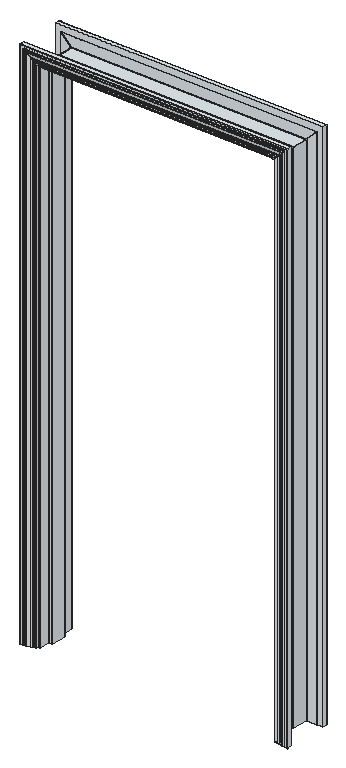
Revit family "Door_Swing_Dunbarton_RediFrame", category Doors, host Wall, Revit 2026
Family settings
  Host = Wall
  Classification Number = 23.30.10.17.17
  Always vertical = Yes
  Cut with Voids When Loaded = No
  Shared = No
  Room Calculation Point = No
Parameters (values of type "134 Kerf Frame")
  panelwidth [instance] = if(1 = 1, Unit Width / 2, 0' 0")  # 1' - 6"
  halfframeneg [instance] = -(Wall Depth / 2) - 0' 0 1/16"  # -0' - 3 1/16"
  halfframe [instance] = Wall Depth / 2 + 0' 0 1/16"  # 0' - 3 1/16"
  framewidthcontrol [instance] = Opening Width + ((0' 1 9/16" - RO Spacing Sides) * 2)  # 3' - 3 1/8"
  frameheightcontrol [instance] = Opening Height + (0' 1 9/16" - RO Spacing Top)  # 6' - 9 5/16"
  casingwidthcontrol [instance] = 2' - 8"
  casingheightcontrol [instance] = 2' - 8"
  Water Penetration = "as Specified"
  Warranty Duration (Years) = 0
  Wall Depth [instance] = 0' - 6"
  Unit Width = 3' - 0"
  Unit Height [instance] = Opening Height - (0' 1 1/8" + 0' 0 3/4")  # 6' - 6 1/8"
  URL = "https://dunbarton.com/"
  Type Comments = "Wall Depths as Specified"
  Thickness = 0' - 0"  # constant formula
  Structural Test Pressure = "as Specified"
  Standards Conformance = "Level A Durability ANSI 250.5-1994"
  Specification = "http://www.arcat.com/sd/clients95/redifram.html?coid=32085"
  Send Message = ""
  Sales Information = "https://dunbarton.com/distributors"
  RO Spacing Sides = 0' - 0 1/4"  # constant formula
  Rough Width = 0' - 0"  # constant formula
  Rough Height = 0' - 0"  # constant formula
  RO Spacing Top = 0' - 0 1/4"  # constant formula
  R-Value = 0
  Product Properties = "https://dunbarton.com/sample-page"
  Product Data = "http://www.arcat.com/arcatcos/cos9532/arc32085.html"
  Panel Type [instance] = Door_Panel_Dunbarton_Westchester-Fold : Door_Panel_Dunbarton_Westchester-Fold
  Opening Width [instance] = Unit Width + (RO Spacing Sides * 2)  # 3' - 0 1/2"
  Opening Height = 6' - 8"
  Offset from Wall CL Notes [instance] = "Use Positive or Negative values to determine location."  # constant formula
  Offset from Wall CL [instance] = 0' - 0"
  Model = "RediFrame 134 Kerf"
  Manufacturer Website = "https://dunbarton.com/"
  Manufacturer Phone - Toll Free = "800-633-7553"
  Manufacturer Phone = "334-794-0661"
  Manufacturer Fax = "334-793-7022"
  Manufacturer Address = "1101 Technology Dr.; Dothan;  AL 36303"
  Manufacturer = "Dunbarton Corporation"
  Maintenance Schedule (Months) = 0
  Keynote = "08 11 10"
  Interior Casing Type [instance] = Accessory_Casing_Dunbarton_Casing : Steel Colonial
  Installation-Fabrication = "https://dunbarton.com/resources/installation-videos"
  Installation Phase = ""
  Include Dunbarton Interior Casing [instance] = yes
  Include Dunbarton Exterior Casing [instance] = yes
  Impact Resistance = "as Specified"
  Height [instance] = Unit Height  # 6' - 6 1/8"
  Green Building-LEED = "http://www.arcat.com/green/clients95/leed_data_32085.html"
  Gauge [instance] = 0
  Function = Interior
  Frame Type = RediFrame134Kerf : RediFrame134Kerf
  Frame Thickness = 0' - 0 5/8"
  Frame Finish [instance] = Metal - Steel - Dunbarton - Bright White Enamel
  Fire Rating = "90 Minute Neutral and Positive Pressure  ;  Wood or Steel"
  Exterior Casing Type [instance] = Accessory_Casing_Dunbarton_Casing : Steel Colonial
  Expected Lifespan (Years) = 0
  Drawn By = "Sumex Design, Inc. / Robert S. Weygant, CSI, CDT, SCIP"
  Door Thickness = 0' - 1"
  Door Panel Type = "as Specified"
  Door Finish [instance] = Metal - Steel - Dunbarton - Bright White Enamel
  Description = "Dunbarton Steel Swing Door Frame - RediFrame Kerf as Specified"
  Wall Closure = By host
  Width = Unit Width  # 3' - 0"
  Copyright = "©Arcat Inc."
  Construction Details = ""
  Assembly Code = "C1020100"
  Air Infiltration = "as Specified"
  3D Panel Swing Angle [instance] = 0.00°
  2D Swing Angle [instance] = 45.00°
Types (4): name | Type Comments | Model | Frame Type | Description
  134 Kerf Frame | "Wall Depths as Specified" | "RediFrame 134 Kerf" | RediFrame134Kerf : RediFrame134Kerf | "Dunbarton Steel Swing Door Frame - RediFrame Kerf as Specified"
  134-138 Frame | "Available Wall Depths : 4 , 4.5 , 4.625 , 4.75 , 4.875 , 5.25 , 5.375 , 6.75 , 6.875 , 7.375" | "RediFrame 134-138" | RediFrame134138 : RediFrame134138 | "Dunbarton Steel Swing Door Frame - RediFrame as Specified"
  138 Frame | "Available Wall Depths : 2.625 , 2.875 , 3.5 , 3.625 , 3.75" | "RediFrame 138" | RediFrame138 : RediFrame138 | "Dunbarton Steel Swing Door Frame - RediFrame as Specified"
  134 Frame | "Available Wall Depths : 2.875 , 3.5 , 3.625 , 3.75" | "RediFrame 134" | RediFrame134 : RediFrame134 | "Dunbarton Steel Swing Door Frame - RediFrame as Specified"
Reference planes
  plane 1 "Center (Front/Back)": y = 41.722
  plane 2: z = 0
  plane 3 "Center (Left/Right)": x = 50.8
  plane 4 "Left": x = -412.75
  plane 5 "Right": x = 514.35
  plane 6 "Bottom": z = 0
  plane 7 "Top": z = 2032
  plane 8 "Center - Elevation": z = 1016
  plane 9: y = -34.478
  plane 10: y = 117.922
  plane 11: x = -406.4
  plane 12: x = 508
Forms (mm)
  Extrusion 1, void
    sketch origin (0, 41.722, 0) x (1, 0, 0) y (0, 0, 1)
      loop
        line (127, 0) -> (127, 50.8) -> (-25.4, 50.8) -> (-25.4, 0) -> (127, 0)
    from 0 <- "Offset from Wall CL" to 305.197
  Extrusion 2, void
    sketch origin (0, 41.722, 0) x (1, 0, 0) y (0, 0, 1)
      loop
        line (-412.75, 2032) -> (-412.75, 0) -> (514.35, 0) -> (514.35, 2032) -> (-412.75, 2032)
    from -76.2 to 76.2
  Extrusion 3, void
    sketch origin (0, 41.722, 0) x (-1, 0, 0) y (0, 0, 1)
      loop
        line (63.5, 0) -> (133.35, 0) -> (133.35, 25.4) -> (63.5, 25.4) -> (63.5, 0)
    from 0 to 77.788 <- "halfframe"
  Extrusion 4, void
    sketch origin (0, 41.722, 0) x (-1, 0, 0) y (0, 0, 1)
      loop
        line (-165.1, 0) -> (-165.1, 25.4) -> (-234.95, 25.4) -> (-234.95, 0) -> (-165.1, 0)
    from -77.788 <- "halfframeneg" to 304.8
Text (mm)
  text "EXTERIOR" at (-1490.695, 350.552, 0), in view "Plan View"
  text "INTERIOR" at (-1490.695, -214.206, 0), in view "Plan View"
  text "Exterior" at (0, 1108.87, 3129.179), in view "Left"
  text "Exterior" at (0, 464.664, 3176.206), in view "Right"
Dimensions and locks
  equal spacing: plane 4 "Left", plane 3 "Center (Left/Right)", plane 5 "Right"
  equal spacing: plane 7 "Top", plane 8 "Center - Elevation", plane 6 "Bottom"
  "Opening Width": plane 4 "Left" to plane 5 "Right"
  "Opening Height": plane 7 "Top" to level
  equal spacing: plane 11, plane 3 "Center (Left/Right)", plane 12
  "Unit Width": plane 11 to plane 12
  aligned and locked: level to plane 2
  aligned and locked: plane 6 "Bottom" to plane 2
  aligned and locked: plane 1 "Center (Front/Back)" to host wall
  aligned and locked: plane 9 to host wall
  aligned and locked: plane 10 to host wall
  aligned: plane 3 "Center (Left/Right)" to nested 1
  aligned and locked: plane 5 "Right" to Extrusion 2 sketch curve
  aligned and locked: Extrusion 2 sketch curve to plane 4 "Left"
  aligned and locked: plane 7 "Top" to Extrusion 2 sketch curve
  aligned and locked: plane 10 to Extrusion 2
  aligned and locked: Extrusion 2 to plane 9
  aligned: nested 1 to nested 2
  aligned and locked: nested 1 to Extrusion 1
  aligned and locked: nested 1 to plane 3 "Center (Left/Right)"  (x2)
  aligned and locked: plane 3 "Center (Left/Right)" to nested 2
  aligned and locked: nested 2 to Extrusion 4
  aligned and locked: nested 3 to Extrusion 3
Automatic sketch dimensions
  Extrusion 1 sketch curve to level = 0' - 0"
  Extrusion 1 sketch curve to plane 3 "Center (Left/Right)" = 0' - 3"
  plane 3 "Center (Left/Right)" to Extrusion 1 sketch curve = 0' - 3"
  level to Extrusion 1 sketch curve = 0' - 2"
  Extrusion 2 sketch curve to level = 0' - 0"
  Extrusion 3 sketch curve to Extrusion 1 = 0' - 0"
  Extrusion 1 to Extrusion 3 sketch curve = 0' - 4 1/4"
  Extrusion 1 to Extrusion 3 sketch curve = 0' - 1 1/2"
  Extrusion 3 sketch curve to Extrusion 1 = 0' - 1"
  Extrusion 4 sketch curve to Extrusion 1 = 0' - 0"
  Extrusion 1 to Extrusion 4 sketch curve = 0' - 1 1/2"
  Extrusion 4 sketch curve to Extrusion 4 sketch curve = 0' - 2 3/4"
  Extrusion 4 sketch curve to Extrusion 1 = 0' - 1"
Nested families
  nested 1: "RediFrame134Kerf" at (50.8, 41.722, 0) x (-1, 0, 0) z (0, 0, 1), throat width <- "Wall Depth", width <- "framewidthcontrol", height <- "frameheightcontrol", finish <- "Frame Finish", type <- "Frame Type", type "RediFrame134Kerf"
    with width 3' - 3 1/8", throat width 0' - 6", height 6' - 9 5/16", finish Metal - Steel - Dunbarton - Bright White Enamel
  nested 2: "Accessory_Casing_Dunbarton_Casing" at (50.8, -36.065, 0), Unit Width <- "Opening Width", Unit Height <- "Opening Height", Frame Finish <- "Frame Finish", type <- "Exterior Casing Type", visible <- "Include Dunbarton Exterior Casing", type "Steel Colonial"
    with Unit Width 3' - 0 1/2", Unit Height 6' - 8", Frame Finish Metal - Steel - Dunbarton - Bright White Enamel, Colonial Rosette no
  nested 3: "Accessory_Casing_Dunbarton_Casing" at (50.8, 119.51, 0), Unit Width <- "Opening Width", Unit Height <- "Opening Height", Frame Finish <- "Frame Finish", type <- "Interior Casing Type", visible <- "Include Dunbarton Interior Casing", type "Steel Colonial"
    with Unit Width 3' - 0 1/2", Unit Height 6' - 8", Frame Finish Metal - Steel - Dunbarton - Bright White Enamel, Colonial Rosette no
Definition of nested family "RediFrame134Kerf"
  Parameters
    width [instance] = 3' - 0"
    throat width [instance] = 0' - 4 1/2"
    height [instance] = 6' - 8"
    finish [instance] = none
    Default Elevation = 0' - 0"  # constant formula
  Reference planes
    plane 1 "Center (Front/Back)": y = 0
    plane 2: z = 0
    plane 3 "Center (Left/Right)": x = 0
    plane 4: x = -457.2
    plane 5: x = 457.2
    plane 6: z = 2032
    plane 7: y = 57.15
    plane 8: y = -57.15
    plane 9: y = 82.55
    plane 10: y = -82.55
  Forms (mm)
    Sweep 1, solid, material <- "finish"
      path origin (0, 0, 0) x (1, 0, 0) y (0, 0, 1)
        loop
          line (-457.2, 0) -> (-457.2, 2032)
      profile "Profile_Rediframe_Dunbarton_Single-Stop-Kerf : Profile_Rediframe_Dunbarton_Single-Stop-Kerf" origin (-457.2, 0, 1016) x (-1, 0, 0) y (0, -1, 0)
        loop
          line (0, 58.738) -> (-38.1, 58.738)
          arc (-38.1, 58.738) -> (-40.345, 57.808) -> (-41.275, 55.562) r 3.175
          line (-41.275, 55.562) -> (-41.275, -2.381) -> (-44.45, -2.381) -> (-44.45, 5.556) -> (-53.975, 5.556)
          arc (-53.975, 5.556) -> (-56.22, 4.626) -> (-57.15, 2.381) r 3.175
          line (-57.15, 2.381) -> (-57.15, -15.875)
          arc (-57.15, -15.875) -> (-56.22, -18.12) -> (-53.975, -19.05) r 3.175
          line (-53.975, -19.05) -> (-42.862, -19.05)
          arc (-42.862, -19.05) -> (-41.74, -19.515) -> (-41.275, -20.637) r 1.587
          line (-41.275, -20.637) -> (-41.275, -55.563)
          arc (-41.275, -55.563) -> (-40.345, -57.808) -> (-38.1, -58.738) r 3.175
          line (-38.1, -58.738) -> (0, -58.737) -> (0, -57.15) -> (-38.1, -57.15)
          arc (-38.1, -57.15) -> (-39.223, -56.685) -> (-39.688, -55.563) r 1.587
          line (-39.688, -55.563) -> (-39.687, -20.637)
          arc (-39.687, -20.637) -> (-40.617, -18.392) -> (-42.862, -17.462) r 3.175
          line (-42.862, -17.462) -> (-53.975, -17.462)
          arc (-53.975, -17.462) -> (-55.098, -16.998) -> (-55.562, -15.875) r 1.587
          line (-55.562, -15.875) -> (-55.562, 2.381)
          arc (-55.562, 2.381) -> (-55.098, 3.504) -> (-53.975, 3.969) r 1.587
          line (-53.975, 3.969) -> (-46.037, 3.969) -> (-46.037, -3.969) -> (-39.687, -3.969) -> (-39.687, 55.562)
          arc (-39.687, 55.562) -> (-39.223, 56.685) -> (-38.1, 57.15) r 1.587
          line (-38.1, 57.15) -> (0, 57.15) -> (0, 58.738)
    Sweep 2, solid, material <- "finish"
      path origin (0, 0, 0) x (-1, 0, 0) y (0, 0, 1)
        loop
          line (-457.2, 0) -> (-457.2, 2032)
      profile "Profile_Rediframe_Dunbarton_Single-Stop-Kerf : Profile_Rediframe_Dunbarton_Single-Stop-Kerf" origin (457.2, 0, 1016) x (-1, 0, 0) y (0, -1, 0)
        loop
          line (0, 58.738) -> (0, 57.15) -> (38.1, 57.15)
          arc (38.1, 57.15) -> (39.223, 56.685) -> (39.687, 55.562) r 1.587
          line (39.687, 55.562) -> (39.687, -3.969) -> (46.037, -3.969) -> (46.037, 3.969) -> (53.975, 3.969)
          arc (53.975, 3.969) -> (55.098, 3.504) -> (55.562, 2.381) r 1.587
          line (55.562, 2.381) -> (55.562, -15.875)
          arc (55.562, -15.875) -> (55.098, -16.998) -> (53.975, -17.462) r 1.587
          line (53.975, -17.462) -> (42.862, -17.462)
          arc (42.862, -17.462) -> (40.617, -18.392) -> (39.687, -20.637) r 3.175
          line (39.687, -20.637) -> (39.688, -55.563)
          arc (39.688, -55.563) -> (39.223, -56.685) -> (38.1, -57.15) r 1.587
          line (38.1, -57.15) -> (0, -57.15) -> (0, -58.737) -> (38.1, -58.738)
          arc (38.1, -58.738) -> (40.345, -57.808) -> (41.275, -55.563) r 3.175
          line (41.275, -55.563) -> (41.275, -20.637)
          arc (41.275, -20.637) -> (41.74, -19.515) -> (42.862, -19.05) r 1.587
          line (42.862, -19.05) -> (53.975, -19.05)
          arc (53.975, -19.05) -> (56.22, -18.12) -> (57.15, -15.875) r 3.175
          line (57.15, -15.875) -> (57.15, 2.381)
          arc (57.15, 2.381) -> (56.22, 4.626) -> (53.975, 5.556) r 3.175
          line (53.975, 5.556) -> (44.45, 5.556) -> (44.45, -2.381) -> (41.275, -2.381) -> (41.275, 55.562)
          arc (41.275, 55.562) -> (40.345, 57.808) -> (38.1, 58.738) r 3.175
          line (38.1, 58.738) -> (0, 58.738)
    Extrusion 3, void
      sketch origin (0, 0, 0) x (1, 0, 0) y (0, 0, 1)
        loop
          line (-457.2, 2032) -> (-304.8, 1879.6) -> (-304.8, 2032) -> (-457.2, 2032)
      from -82.55 to 82.55
    Extrusion 4, void
      sketch origin (0, 0, 0) x (-1, 0, 0) y (0, 0, -1)
        loop
          line (-457.2, -2032) -> (-304.8, -2032) -> (-304.8, -1879.6) -> (-457.2, -2032)
      from -82.55 to 82.55
    Sweep 5, solid, material <- "finish"
      path origin (0, 0, 0) x (1, 0, 0) y (0, 0, 1)
        loop
          line (-457.2, 2032) -> (457.2, 2032)
      profile "Profile_Rediframe_Dunbarton_Single-Stop-Kerf : Profile_Rediframe_Dunbarton_Single-Stop-Kerf" origin (0, 0, 2032) x (0, 0, 1) y (0, -1, 0)
        loop
          line (0, 58.738) -> (-38.1, 58.738)
          arc (-38.1, 58.738) -> (-40.345, 57.808) -> (-41.275, 55.562) r 3.175
          line (-41.275, 55.562) -> (-41.275, -2.381) -> (-44.45, -2.381) -> (-44.45, 5.556) -> (-53.975, 5.556)
          arc (-53.975, 5.556) -> (-56.22, 4.626) -> (-57.15, 2.381) r 3.175
          line (-57.15, 2.381) -> (-57.15, -15.875)
          arc (-57.15, -15.875) -> (-56.22, -18.12) -> (-53.975, -19.05) r 3.175
          line (-53.975, -19.05) -> (-42.862, -19.05)
          arc (-42.862, -19.05) -> (-41.74, -19.515) -> (-41.275, -20.637) r 1.587
          line (-41.275, -20.637) -> (-41.275, -55.563)
          arc (-41.275, -55.563) -> (-40.345, -57.808) -> (-38.1, -58.738) r 3.175
          line (-38.1, -58.738) -> (0, -58.737) -> (0, -57.15) -> (-38.1, -57.15)
          arc (-38.1, -57.15) -> (-39.223, -56.685) -> (-39.688, -55.563) r 1.587
          line (-39.688, -55.563) -> (-39.687, -20.637)
          arc (-39.687, -20.637) -> (-40.617, -18.392) -> (-42.862, -17.462) r 3.175
          line (-42.862, -17.462) -> (-53.975, -17.462)
          arc (-53.975, -17.462) -> (-55.098, -16.998) -> (-55.562, -15.875) r 1.587
          line (-55.562, -15.875) -> (-55.562, 2.381)
          arc (-55.562, 2.381) -> (-55.098, 3.504) -> (-53.975, 3.969) r 1.587
          line (-53.975, 3.969) -> (-46.037, 3.969) -> (-46.037, -3.969) -> (-39.687, -3.969) -> (-39.687, 55.562)
          arc (-39.687, 55.562) -> (-39.223, 56.685) -> (-38.1, 57.15) r 1.587
          line (-38.1, 57.15) -> (0, 57.15) -> (0, 58.738)
    Extrusion 6, void
      sketch origin (0, 0, 0) x (1, 0, 0) y (0, 0, 1)
        loop
          line (-457.2, 2032) -> (-457.2, 1879.6) -> (-304.8, 1879.6) -> (-457.2, 2032)
      from -82.55 to 82.55
    Extrusion 7, void
      sketch origin (0, 0, 0) x (-1, 0, 0) y (0, 0, -1)
        loop
          line (-457.2, -2032) -> (-304.8, -1879.6) -> (-457.2, -1879.6) -> (-457.2, -2032)
      from -82.55 to 82.55
  Cuts and joins
    Extrusion 3, Extrusion 4, Extrusion 7 cuts Sweep 1
    Extrusion 4 cuts Sweep 2
    Extrusion 6, Extrusion 7 cuts Sweep 5
  Dimensions and locks
    "height": plane 6 to level
    equal spacing: plane 5, plane 3 "Center (Left/Right)", plane 4
    "width": plane 5 to plane 4
    equal spacing: plane 8, plane 1 "Center (Front/Back)", plane 7
    "throat width": plane 8 to plane 7
    locked: Extrusion 3 sketch curve to plane 4 at 152.4
    locked: plane 5 to Extrusion 4 sketch curve at 152.4
    locked: plane 7 to plane 9 at 25.4
    locked: plane 8 to plane 10 at 25.4
    locked: plane 6 to Extrusion 6 sketch curve at 152.4
    locked: plane 6 to Extrusion 7 sketch curve at 152.4
    aligned and locked: plane 2 to level
    aligned and locked: plane 6 to Sweep 1 sketch curve
    aligned and locked: plane 4 to Sweep 1 sketch curve
    aligned and locked: level to Sweep 1 sketch curve
    aligned and locked: plane 6 to Sweep 2 sketch curve
    aligned and locked: plane 5 to Sweep 2 sketch curve
    aligned and locked: level to Sweep 2 sketch curve
    aligned and locked: Extrusion 4 sketch curve to plane 6
    aligned and locked: plane 6 to Extrusion 3 sketch curve
    aligned and locked: Extrusion 3 to plane 9
    aligned and locked: Extrusion 3 to plane 10
    aligned and locked: Extrusion 4 to plane 9
    aligned and locked: plane 10 to Extrusion 4
    aligned and locked: Sweep 5 sketch curve to plane 6
    aligned and locked: plane 5 to Sweep 5 sketch curve
    aligned and locked: plane 4 to Sweep 5 sketch curve
    aligned and locked: plane 4 to Extrusion 6 sketch curve
    aligned and locked: plane 5 to Extrusion 7 sketch curve
    aligned and locked: Extrusion 6 to plane 10
    aligned and locked: plane 9 to Extrusion 6
    aligned and locked: plane 9 to Extrusion 7
    aligned and locked: Extrusion 7 to plane 10
  Automatic sketch dimensions
    Extrusion 3 sketch curve to plane 4 = 0' - 0"
    Extrusion 3 sketch curve to plane 6 = 0' - 6"
    Extrusion 4 sketch curve to plane 5 = 0' - 0"
    plane 6 to Extrusion 4 sketch curve = 0' - 6"
    Extrusion 6 sketch curve to plane 6 = 0' - 0"
    plane 4 to Extrusion 6 sketch curve = 0' - 6"
    Extrusion 7 sketch curve to plane 6 = 0' - 0"
    plane 5 to Extrusion 7 sketch curve = 0' - 6"
Definition of nested family "Accessory_Casing_Dunbarton_Casing"
  Parameters
    Warranty Duration (Years) = 0
    Unit Width [instance] = 2' - 8"
    Unit Height [instance] = 2' - 8"
    URL = ""
    Steel Colonial = yes
    Steel = no
    Specification = ""
    SpecWizard = ""
    Send Message = ""
    Sales Information = ""
    Revision = "R1_01-2014"
    Product Properties = ""
    Product Data = ""
    Model = "As Specified"
    Manufacturer Website = ""
    Manufacturer Phone - Toll Free = ""
    Manufacturer Phone = ""
    Manufacturer Fax = ""
    Manufacturer Address = ""
    Manufacturer = ""
    Maintenance Schedule (Months) = 0
    Keynote = ""
    Installation-Fabrication = ""
    Installation Phase = ""
    Green Building-LEED = ""
    Frame Finish [instance] = none
    Expected Lifespan (Years) = 0
    Drawn By = "Sumex Design, Inc. / Robert S. Weygant, CSI, CDT, SCIP"
    Description = ""
    Default Elevation = 0' - 0"  # constant formula
    Copyright = "©Arcat Inc."
    Construction Details = ""
    Colonial Rosette = yes
    Assembly Code = ""
    Aluminum = no
  Reference planes
    plane 1 "Center (Front/Back)": y = 0
    plane 2 "Bottom": z = 0
    plane 3 "Center (Left/Right)": x = 0
    plane 4 "Left": x = -406.4
    plane 5 "Right": x = 406.4
    plane 6 "Top": z = 812.8
  Forms (mm)
    Sweep 1, solid, material <- "Frame Finish", visible <- "Aluminum"
      path origin (0, 0, 0) x (1, 0, 0) y (0, 0, 1)
        loop
          line (-406.4, 0) -> (-406.4, 812.8) -> (406.4, 812.8) -> (406.4, 0)
      profile origin (-406.4, 0, 406.4) x (-1, 0, 0) y (0, -1, 0)
        loop
          line (0, 0) -> (38.1, 0) -> (38.1, 12.7) -> (0, 12.7) -> (0, 0)
    Sweep 2, solid, material <- "Frame Finish", visible <- "Steel"
      path origin (0, 0, 0) x (1, 0, 0) y (0, 0, 1)
        loop
          line (-406.4, 0) -> (-406.4, 812.8) -> (406.4, 812.8) -> (406.4, 0)
      profile origin (-406.4, 0, 406.4) x (-1, 0, 0) y (0, -1, 0)
        loop
          arc (0, 1.588) -> (0.465, 0.465) -> (1.587, 0) r 1.587
          line (1.587, 0) -> (34.925, 0)
          arc (34.925, 0) -> (36.048, 0.465) -> (36.512, 1.587) r 1.587
          line (36.512, 1.587) -> (36.512, 7.271)
          arc (36.512, 7.271) -> (36.091, 8.348) -> (35.052, 8.853) r 1.587
          arc (35.052, 8.853) -> (18.256, 9.525) -> (1.461, 8.853) r 210.344
          arc (1.461, 8.853) -> (0.421, 8.348) -> (0, 7.271) r 1.587
          line (0, 7.271) -> (0, 1.588)
    Sweep 3, solid, material <- "Frame Finish", visible <- "Steel Colonial"
      path origin (0, 0, 0) x (1, 0, 0) y (0, 0, 1)
        loop
          line (-406.4, 0) -> (-406.4, 812.8) -> (406.4, 812.8) -> (406.4, 0)
      profile origin (-406.4, 0, 406.4) x (-1, 0, 0) y (0, -1, 0)
        loop
          line (0, 0) -> (57.15, 0) -> (57.15, 15.875)
          arc (57.15, 15.875) -> (56.685, 16.998) -> (55.563, 17.462) r 1.587
          line (55.563, 17.462) -> (46.076, 17.462)
          arc (46.076, 17.462) -> (45.209, 17.212) -> (44.609, 16.537) r 1.626
          arc (44.609, 16.537) -> (44.154, 16.026) -> (43.497, 15.836) r 1.232
          line (43.497, 15.836) -> (36.653, 15.836)
          arc (36.653, 15.836) -> (34.949, 15.694) -> (33.291, 15.273) r 10.328
          line (33.291, 15.273) -> (22.128, 11.43)
          arc (22.128, 11.43) -> (19.94, 10.905) -> (17.693, 10.806) r 11.737
          line (17.693, 10.806) -> (13.84, 11.008)
          arc (13.84, 11.008) -> (12.991, 10.893) -> (12.244, 10.474) r 2.296
          line (12.244, 10.474) -> (11.634, 9.963)
          arc (11.634, 9.963) -> (11.071, 9.638) -> (10.431, 9.525) r 1.872
          line (10.431, 9.525) -> (3.175, 9.525)
          arc (3.175, 9.525) -> (0.93, 8.595) -> (0, 6.35) r 3.175
          line (0, 6.35) -> (0, 0)
    Extrusion 4, solid, material <- "Frame Finish", visible <- "Colonial Rosette"
      sketch origin (0, 0, 0) x (1, 0, 0) y (0, 0, 1)
        loop
          line (-461.963, 868.363) -> (-461.963, 812.8) -> (-406.4, 812.8) -> (-406.4, 868.363) -> (-461.963, 868.363)
        loop
          line (461.963, 868.363) -> (406.4, 868.363) -> (406.4, 812.8) -> (461.963, 812.8) -> (461.963, 868.363)
        loop
          circle (-434.109, 840.509) r 26.517
        loop
          circle (434.109, 840.509) r 26.517
        loop
          circle (-434.109, 840.509) r 6.299
        loop
          circle (434.109, 840.509) r 6.4
      from 17.462 to 19.66
    Extrusion 5, solid, material <- "Frame Finish", visible <- "Colonial Rosette"
      sketch origin (0, 0, 0) x (1, 0, 0) y (0, 0, 1)
        loop
          circle (-434.16, 840.56) r 24.264
        loop
          circle (-434.16, 840.56) r 20.997
        loop
          circle (-434.16, 840.56) r 14.848
        loop
          circle (434.16, 840.56) r 24.264
        loop
          circle (434.16, 840.56) r 20.997
        loop
          circle (434.16, 840.56) r 14.848
        loop
          circle (434.109, 840.509) r 6.4
        loop
          circle (-434.109, 840.509) r 6.299
      from 17.463 to 19.05
    Extrusion 6, solid, material <- "Frame Finish", visible <- "Colonial Rosette"
      sketch origin (0, 0, 0) x (1, 0, 0) y (0, 0, 1)
        loop
          line (-461.963, 868.363) -> (-461.963, 812.8) -> (-406.4, 812.8) -> (-406.4, 868.363) -> (-461.963, 868.363)
        loop
          line (461.963, 868.363) -> (406.4, 868.363) -> (406.4, 812.8) -> (461.963, 812.8) -> (461.963, 868.363)
      from 0 to 17.462
  Cuts and joins
    joined: Extrusion 4, Extrusion 5, Extrusion 6
  Dimensions and locks
    equal spacing: plane 4 "Left", plane 3 "Center (Left/Right)", plane 5 "Right"
    "Unit Width": plane 4 "Left" to plane 5 "Right"
    "Unit Height": plane 6 "Top" to level
    aligned and locked: plane 4 "Left" to Sweep 1 sketch curve
    aligned and locked: Sweep 1 sketch curve to plane 6 "Top"
    aligned and locked: Sweep 1 sketch curve to plane 5 "Right"
    aligned and locked: Sweep 2 sketch curve to plane 5 "Right"
    aligned and locked: plane 4 "Left" to Sweep 2 sketch curve
    aligned and locked: Sweep 2 sketch curve to plane 6 "Top"
    aligned and locked: plane 4 "Left" to Sweep 3 sketch curve
    aligned and locked: Sweep 3 sketch curve to plane 5 "Right"
    aligned and locked: Sweep 3 sketch curve to plane 6 "Top"
  Automatic sketch dimensions
    Sweep 1 sketch curve to level = 0' - 0"  (x2)
    Sweep 1 sketch curve to profile plane = 0' - 0"
    plane 1 "Center (Front/Back)" to Sweep 1 sketch curve = 0' - 0"
    Sweep 1 sketch curve to profile plane = 0' - 1 1/2"
    plane 1 "Center (Front/Back)" to Sweep 1 sketch curve = 0' - 0 1/2"
    Sweep 2 sketch curve to level = 0' - 0"  (x2)
    Sweep 2 sketch curve to profile plane = 0' - 0"
    plane 1 "Center (Front/Back)" to Sweep 2 sketch curve = 0' - 0"
    Sweep 2 sketch curve to profile plane = 0' - 0.05751"
    Sweep 2 sketch curve to Sweep 2 sketch curve = 0' - 0"  (x3)
    Sweep 2 sketch curve to profile plane = 0' - 0 1/16"  (x2)
    Sweep 2 sketch curve to profile plane = 0' - 0 23/32"
    Sweep 2 sketch curve to Sweep 2 sketch curve = 0' - 1 5/16"
    Sweep 2 sketch curve to Sweep 2 sketch curve = 0' - 0.00499"
    Sweep 2 sketch curve to plane 1 "Center (Front/Back)" = 0' - 7 29/32"
    Sweep 3 sketch curve to level = 0' - 0"  (x2)
    plane 1 "Center (Front/Back)" to Sweep 3 sketch curve = 0' - 0"
    Sweep 3 sketch curve to profile plane = 0' - 0"
    Sweep 3 sketch curve to profile plane = 0' - 0 1/8"
    Sweep 3 sketch curve to Sweep 3 sketch curve = 0' - 0.28568"
    Sweep 3 sketch curve to Sweep 3 sketch curve = 0' - 0.04737"
    Sweep 3 sketch curve to Sweep 3 sketch curve = 0' - 0.02399"
    Sweep 3 sketch curve to Sweep 3 sketch curve = 0' - 0.05811"
    Sweep 3 sketch curve to Sweep 3 sketch curve = 0' - 0.06284"
    Sweep 3 sketch curve to Sweep 3 sketch curve = 0' - 0.15168"
    Sweep 3 sketch curve to Sweep 3 sketch curve = 0' - 0.02418"
    Sweep 3 sketch curve to Sweep 3 sketch curve = 0' - 0.17462"
    Sweep 3 sketch curve to Sweep 3 sketch curve = 0' - 0.43948"
    Sweep 3 sketch curve to Sweep 3 sketch curve = 0' - 0.13238"
    Sweep 3 sketch curve to Sweep 3 sketch curve = 0' - 0.26943"
    Sweep 3 sketch curve to Sweep 3 sketch curve = 0' - 0.04378"
    Sweep 3 sketch curve to Sweep 3 sketch curve = 0' - 0"  (x2)
    Sweep 3 sketch curve to Sweep 3 sketch curve = 0' - 0.05778"
    Sweep 3 sketch curve to Sweep 3 sketch curve = 0' - 0.37347"
    Sweep 3 sketch curve to Sweep 3 sketch curve = 0' - 0 1/16"
    plane 1 "Center (Front/Back)" to Sweep 3 sketch curve = 0' - 0.21686"
    Sweep 3 sketch curve to Sweep 3 sketch curve = 0' - 0 1/4"
    Sweep 3 sketch curve to Sweep 3 sketch curve = 0' - 0.03188"
    Sweep 3 sketch curve to Sweep 3 sketch curve = 0' - 0.01724"
    Sweep 3 sketch curve to Sweep 3 sketch curve = 0' - 0.02013"
    Sweep 3 sketch curve to Sweep 3 sketch curve = 0' - 0.00795"
    Sweep 3 sketch curve to Sweep 3 sketch curve = 0' - 0.02454"
    Sweep 3 sketch curve to Sweep 3 sketch curve = 0' - 0.38446"
    Extrusion 5 sketch curve to Extrusion 5 sketch curve = 0' - 0"  (x10)
    Extrusion 5 sketch curve to plane 4 "Left" = 0' - 1.09291"
    plane 5 "Right" to Extrusion 5 sketch curve = 0' - 1.09291"
    plane 6 "Top" to Extrusion 5 sketch curve = 0' - 1.09291"  (x2)
    Extrusion 6 sketch curve to plane 6 "Top" = 0' - 0"  (x2)
    Extrusion 6 sketch curve to plane 4 "Left" = 0' - 0"
    Extrusion 6 sketch curve to plane 5 "Right" = 0' - 0"
    Extrusion 6 sketch curve to Extrusion 6 sketch curve = 0' - 2 3/16"
    plane 5 "Right" to Extrusion 6 sketch curve = 0' - 2 3/16"
    plane 6 "Top" to Extrusion 6 sketch curve = 0' - 2 3/16"  (x2)
    Extrusion 4 sketch curve to Extrusion 4 sketch curve = 0' - 0"  (x4)
    Extrusion 4 sketch curve to plane 6 "Top" = 0' - 0"  (x2)
    Extrusion 4 sketch curve to plane 4 "Left" = 0' - 0"
    Extrusion 4 sketch curve to plane 5 "Right" = 0' - 0"
    Extrusion 4 sketch curve to plane 4 "Left" = 0' - 1.09092"
    Extrusion 4 sketch curve to Extrusion 4 sketch curve = 0' - 1.09658"  (x4)
    plane 5 "Right" to Extrusion 4 sketch curve = 0' - 1.09092"
    plane 6 "Top" to Extrusion 4 sketch curve = 0' - 1.09092"  (x2)
    Extrusion 5 sketch curve to Extrusion 5 sketch curve = 0' - 0.25396"
    Extrusion 5 sketch curve to Extrusion 5 sketch curve = 0' - 0.00198"  (x4)
    Extrusion 5 sketch curve to Extrusion 5 sketch curve = 0' - 0.24603"
    radius of Extrusion 5 sketch curve = 0' - 0.95527"  (x2)
    radius of Extrusion 5 sketch curve = 0' - 0.82666"  (x2)
    radius of Extrusion 5 sketch curve = 0' - 0.58455"  (x2)
    radius of Extrusion 4 sketch curve = 0' - 1.04399"  (x2)
    radius of Extrusion 4 sketch curve = 0' - 0.24801"
    radius of Extrusion 4 sketch curve = 0' - 0.25197"
